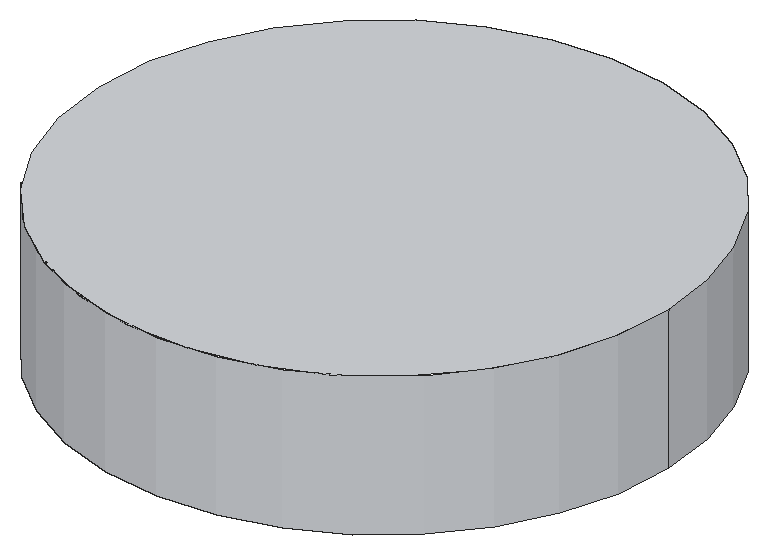
Revit family "電線管用ファミリ(片側のみ)_35", category Electrical Fixtures, Revit 2021
Family settings
  Maintain Annotation Orientation = No
  Round Connector Dimension = Use Diameter
  Part Type = Normal
  OmniClass Number = 23.80.00.00
  OmniClass Title = Electric Power and Lighting
  Work Plane-Based = No
  Always vertical = Yes
  Cut with Voids When Loaded = No
  Shared = No
  Room Calculation Point = No
Parameters
  コネクタ直径 [instance] = 16 mm
  W [instance] = 200 mm
  Default Elevation = 0 mm
  D [instance] = 200 mm
Reference planes
  plane 1 "Center (Front/Back)": y = 0
  plane 2: z = 0
  plane 3 "Center (Left/Right)": x = 0
  plane 4: x = -100
  plane 5: x = 100
  plane 6: y = 100
  plane 7: y = -100
  plane 8: z = 33.685
  plane 9: z = 50
Forms (mm)
  Extrusion 1, solid
    sketch origin (0, 0, 0) x (1, 0, 0) y (0, 1, 0)
      loop
        circle (0, 0) r 100
    from 0 to 50
Dimensions and locks
  equal spacing: plane 4, plane 3 "Center (Left/Right)", plane 5
  "W": plane 4 to plane 5
  equal spacing: plane 6, plane 1 "Center (Front/Back)", plane 7
  "D": plane 6 to plane 7
  aligned and locked: level to plane 2
  aligned and locked: plane 9 to Extrusion 1
Automatic sketch dimensions
  plane 1 "Center (Front/Back)" to Extrusion 1 sketch curve = 0 mm
  Extrusion 1 sketch curve to plane 3 "Center (Left/Right)" = 0 mm
  radius of Extrusion 1 sketch curve = 100 mm
Connectors
  cabletrayconduit at (0, 0, 50), diameter 16
    settings: on Extrusion 1, index 1, connector width 300 mm, connector height 300 mm, connector angle 0.00°, system type 32, placement type 0, profile type 0, connector reference index -1, is primary connector yes, connector utility param no, connector description ""
